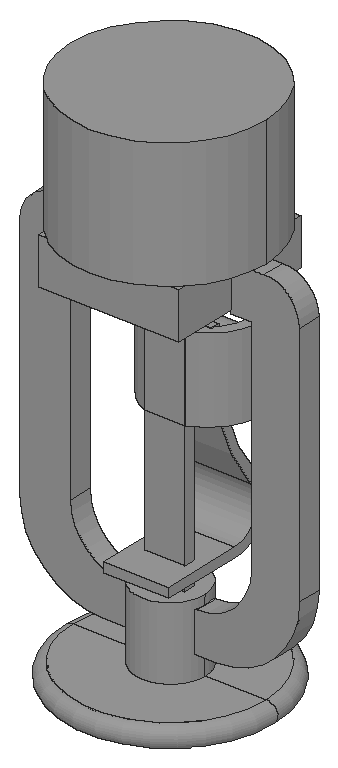
Revit family
Parameters (values of type "RASCO G PENDENT")
  Temperature Rating = 212 °F
  Response = (empty or 0)
  RASCO SIN # = "R1017"
  RASCO Part # = "GP2LB"
  Pressure Rating = "175 PSI"
  Pressure Class = (empty or 0)
  Orifice Size = 17/32"
  Orifice = (empty or 0)
  Model = "G"
  Manufacturer = "RASCO"
  K-Factor = 8.2
  Description = "Bronze Finish"
  Coverage = (empty or 0)
Reference planes (in)
  plane 1 "Center (Front/Back)": y = 0
  plane 2: z = 0
  plane 3 "Center (Left/Right)": x = 0
Dimensions and locks (in)
  aligned and locked: plane 2 to level
Nested families (in)
  nested 1: "GP2LB" at (-0.00619, 0, 3.16711) x (-1, 0, 0) z (0, 0, -1), type "RASCO G PENDENT"
Connectors (in)
  piping at (-0.00619, 0, 3.16711)
    settings: on nested 1, index 1, connector radius 1/2", flow factor 0, pipe flow 0 GPM, pressure drop 0.00 psi, fitting loss kfactor 0, connector angle 0.00°, fixture units 0, flow configuration 0, flow direction 0, fitting loss method 0, system type 7, connector reference index -1, connector utility 0, adjustable connector no, is connector primary yes, fitting loss table "", connector description ""
Definition of nested family "GP2LB"
  Parameters (values of type "RASCO G PENDENT")
    Type Comments = ""
    Temperature Rating = 0 °F
    Response = (empty or 0)
    Pressure Rating = "0"
    Pressure Class = (empty or 0)
    Orifice Size = 0"
    Orifice = (empty or 0)
    Model = ""
    Manufacturer = ""
    K-Factor = 0
    Description = ""
    Coverage = (empty or 0)
    Assembly Code = ""
  Reference planes (in)
    plane 1 "Center (Front/Back)": y = 0
    plane 2: z = 0
    plane 3 "ref.2": z = 0.6875
    plane 4 "ref.3": z = 0.9375
    plane 5: x = -0.38065
    plane 6: x = 0.36935
    plane 7 "ref. side 1": y = 0.06402
    plane 8 "ref. side 2": y = -0.06098
    plane 9 "ref.4": z = 1.875
    plane 10 "ref.5": z = 2.937
    plane 11 "center": x = -0.00574
  Forms (in)
    Extrusion 1, solid, material "Default"
      sketch origin (0, 0, 0) x (1, 0, 0) y (0, 1, 0)
        loop
          circle (0, 0) r 0.5245
      from 0 to 0.6875
    Extrusion 2, solid, material "Default"
      sketch origin (-0.12185, 0.05177, 0.6875) x (1, 0, 0) y (0, 1, 0)
        loop
          line (-0.2588, 0.356) -> (-0.2588, -0.4565) -> (0.4912, -0.4565) -> (0.4912, 0.356) -> (-0.2588, 0.356)
      from 0 to 0.25
    Extrusion 3, solid, material "Default"
      sketch origin (-0.00034, 0, 0.01527) x (1, 0, 0) y (0, 0, 1)
        loop
          line (-0.49248, 0.9375) -> (-0.49248, 2.1327)
          arc (-0.49248, 2.1327) -> (-0.40724, 2.33849) -> (-0.20145, 2.42373) r 0.29103
          line (-0.20145, 2.42373) -> (0.18108, 2.42373)
          arc (0.18108, 2.42373) -> (0.38905, 2.33759) -> (0.47519, 2.12963) r 0.29411
          line (0.47519, 2.12963) -> (0.47519, 0.9375) -> (0.36935, 0.9375) -> (0.36935, 0.6875) -> (0.55741, 0.6875)
          arc (0.55741, 0.6875) -> (0.69165, 0.7431) -> (0.74725, 0.87734) r 0.18984
          line (0.74725, 0.87734) -> (0.74725, 2.19113)
          arc (0.74725, 2.19113) -> (0.61669, 2.50631) -> (0.3015, 2.63687) r 0.44574
          line (0.3015, 2.63687) -> (-0.30719, 2.63687)
          arc (-0.30719, 2.63687) -> (-0.62225, 2.50637) -> (-0.75275, 2.19131) r 0.44556
          line (-0.75275, 2.19131) -> (-0.75275, 0.87876)
          arc (-0.75275, 0.87876) -> (-0.69673, 0.74352) -> (-0.56149, 0.6875) r 0.19126
          line (-0.56149, 0.6875) -> (-0.38065, 0.6875) -> (-0.38065, 0.9375) -> (-0.49248, 0.9375)
      from -0.06402 to 0.06098
    Extrusion 4, solid, material "Default"
      sketch origin (-0.00199, 0, 2.4995) x (-1, 0, 0) y (0, -1, 0)
        loop
          circle (0.00574, -0.00152) r 0.1875
      from -0.10571 to 0.4375
    Revolve 5, solid, material "Default"
      sketch origin (-0.00271, 0, 0.37011) x (1, 0, 0) y (0, 0, 1)
        loop
          line (-0.00574, 2.41148) -> (-0.00574, 2.52696) -> (-0.52388, 2.52696)
          arc (-0.52388, 2.52696) -> (-0.58162, 2.46922) -> (-0.52388, 2.41148) r 0.05774
          line (-0.52388, 2.41148) -> (-0.00574, 2.41148)
        axis (-0.00574, 2.41148) -> (-0.00574, 2.52696)
      angle from 0 to 360
    Extrusion 6, solid, material "Default"
      sketch origin (0, 0, 0.9375) x (-1, 0, 0) y (0, -1, 0)
        loop
          line (-0.10175, -0.02852) -> (0.11324, -0.02852) -> (0.11324, 0.03101) -> (-0.10175, 0.03101) -> (-0.10175, -0.02852)
      from 0 to 1.45629
    Extrusion 7, solid, material "Default"
      sketch origin (-0.00574, -0.0095, -0.07537) x (0, 0, -1) y (0, -1, 0)
        loop
          line (-2.39379, 0.21198) -> (-2.39379, -0.229)
          arc (-2.39379, -0.229) -> (-2.26956, -0.41579) -> (-2.04926, -0.37342) r 0.20254
          arc (-2.04926, -0.37342) -> (-1.6599, -0.16721) -> (-1.22163, -0.12207) r 1.15319
          line (-1.22163, -0.12207) -> (-1.22163, -0.07087)
          arc (-1.22163, -0.07087) -> (-1.6782, -0.11947) -> (-2.0834, -0.33544) r 1.20419
          arc (-2.0834, -0.33544) -> (-2.24878, -0.36919) -> (-2.34279, -0.229) r 0.15154
          line (-2.34279, -0.229) -> (-2.34279, 0.21198) -> (-2.39379, 0.21198)
      from -0.17255 to 0.17398
    Extrusion 8, solid, material "Default"
      sketch origin (0, 0, 0) x (1, 0, 0) y (0, 1, 0)
        loop
          arc (0.23993, 0.23051) -> (0.19768, 0.11115) -> (0.10175, 0.02852) r 0.24647
          line (0.10175, 0.02852) -> (-0.11324, 0.02852)
          arc (-0.11324, 0.02852) -> (-0.21767, 0.12447) -> (-0.25194, 0.2621) r 0.24647
          line (-0.25194, 0.2621) -> (-0.25194, 0.40777) -> (-0.30719, 0.40777) -> (-0.30719, 0.25942)
          arc (-0.30719, 0.25942) -> (-0.25653, 0.08328) -> (-0.11324, -0.03101) r 0.30157
          line (-0.11324, -0.03101) -> (0.10175, -0.03101)
          arc (0.10175, -0.03101) -> (0.24461, 0.08262) -> (0.29574, 0.25785) r 0.30157
          line (0.29574, 0.25785) -> (0.29574, 0.40777) -> (0.23993, 0.40777) -> (0.23993, 0.23051)
      from 1.14626 to 1.59756
    Extrusion 9, solid, material "Default"
      sketch origin (-0.00574, -0.0095, -0.07537) x (0, 0, -1) y (0, -1, 0)
        loop
          circle (-1.44728, -0.26892) r 0.13147
      from -0.24568 to 0.24619
  Cuts and joins
    joined: Extrusion 1, Extrusion 2, Revolve 5
  Dimensions and locks (in)
    plane 10 "ref.5" to level = 2.937"
